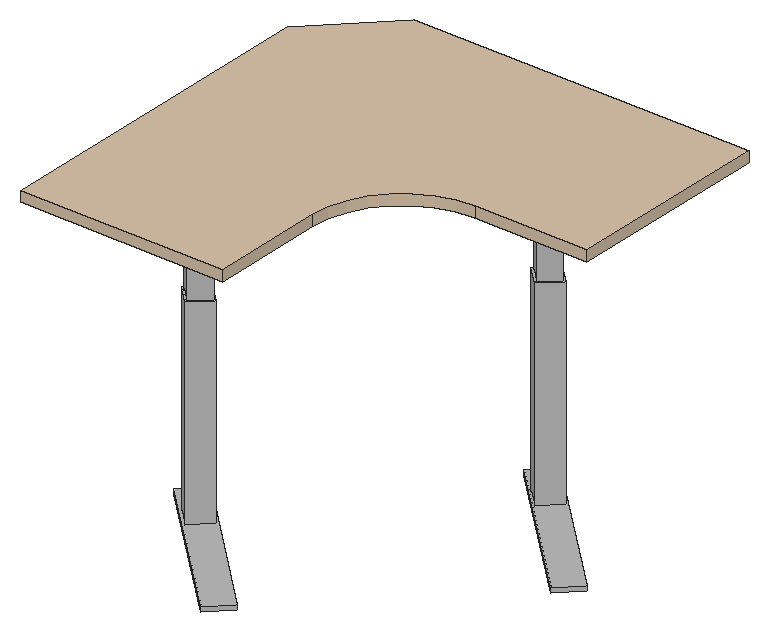
Revit family "Haworth_Planes_HeightAdjustTable_90-WrapAround", category Furniture Systems, Revit 2018
Family settings
  Round Connector Dimension = Use Diameter
  Part Type = Normal
  OmniClass Number = 23.40.70.14.64.21
  OmniClass Title = Systems Furniture
  Work Plane-Based = No
  Always vertical = Yes
  Cut with Voids When Loaded = No
  Shared = No
  Room Calculation Point = No
Parameters (values of type "46w 23d")
  Width = 46"
  Warranty = "http://www.haworth.com/resources/product-info/warranties"
  URL - Product = "https://www.haworth.com/products/tables/height-adjustable/planes"
  Table Finish [instance] = Haworth _ Laminate _ Maple H-AE
  Table Edge Finish [instance] = Haworth _ Laminate _ Maple H-AE
  Radius 2 = 12 1/4"  # constant formula
  Radius = 10 1/4"  # constant formula
  Model = "TACR"  # constant formula
  Min/Max Width = "34, 40, 46 in."  # constant formula
  Min/Max Depth = "23 in."  # constant formula
  Min. Height = 27"  # constant formula
  Min. Width = 34"  # constant formula
  Min. Depth = 23"  # constant formula
  Max. Height = 46"  # constant formula
  Max. Width = 46"  # constant formula
  Max. Depth = 23"  # constant formula
  URL = "www.haworth.com"
  Support Height = Actual Height - Top Thickness  # 38 13/16"
  Size = "Verify Final Dim. w/ Haworth"  # constant formula
  Revision Number = "1"  # constant formula
  Manufacturer = "Haworth"  # constant formula
  Leg Side Offset = if(Width < 40", 11 1/2", if(Width = 40", 14", 17"))  # 17"
  Leg Finish [instance] = Haworth _ Paint _ Metallic Champagne
  Leg Back Offset = if(Width < 40", 14 11/32", if(Width = 40", 16 31/32", 18 5/32"))  # 18 5/32"
  Knife Edge = not(Edgeband)  # no
  Height = 40"
  Edgeband = yes
  Description = "Haworth Planes - HAT - 90 Wrap Around - 46w 23d"
  Depth = 23"
  Custom Size = not(and(Depth = 23", or(Width = 34", Width = 40", Width = 46")))  # no
  Base Tube Finish = Haworth _ Paint _ Smoke
  Back Start Control = if(Actual Width < 40", 4 1/4", 5 83/128")  # 5 83/128"
  Author = "Haworth (Alias)"  # constant formula
  Assembly Code = "E2020200"
  Actual Width = if(Width > Max. Width, Max. Width, if(Width < Min. Width, Min. Width, Width))  # 46"
  Actual Height = if(Height > Max. Height, Max. Height, if(Height < Min. Height, Min. Height, Height))  # 40"
  Top Thickness = 1 3/16"  # constant formula
  Actual Depth = if(Depth > Max. Depth, Max. Depth, if(Depth < Min. Depth, Min. Depth, Depth))  # 23"
  23 Deep = Actual Depth < 27"  # yes
Types (3): name | Width | Leg Side Offset | Leg Back Offset | Description | Back Start Control | Actual Width
  40w 23d | 40" | 14" | 16 31/32" | "Haworth Planes - HAT - 90 Wrap Around - 40w 23d" | 5 83/128" | 40"
  34w 23d | 34" | 11 1/2" | 14 11/32" | "Haworth Planes - HAT - 90 Wrap Around - 34w 23d" | 4 1/4" | 34"
  46w 23d | 46" | 17" | 18 5/32" | "Haworth Planes - HAT - 90 Wrap Around - 46w 23d" | 5 83/128" | 46"
Reference planes (in)
  plane 1 "Floor": z = 0
  plane 2 "Center L/R": x = 9
  plane 3 "Top": z = 40
  plane 4 "Table Bottom": z = 38.8125
  plane 5 "Back": y = 5.5
  plane 6 "Left": x = -14
  plane 7 "Inside Front": y = -17.5
  plane 8 "Right": x = 32
  plane 9 "Front": y = -40.5
  plane 10 "Inside Right": x = 9
  plane 11 "masking region": z = 38
  plane 12 "Center Angle": through (-14, 5.5, 48) normal (0.7071, 0.7071, 0)
  plane 13 "Back Angle": through (-1.97918, 17.52082, 48) normal (0.7071, 0.7071, 0)
  plane 14 "Front Angle": through (-26.02082, -6.52082, 48) normal (0.7071, 0.7071, 0)
  plane 15 "Center FB": y = -17.5
  plane 16 "Back Worksurface": through (-10.00595, 1.50595, 48) normal (0.7071, -0.7071, 0)
  plane 17 "Leg Middle": through (11.31774, -2.84717, 48) normal (0.7071, -0.7071, 0)
  plane 18 "Back Top Angle": through (-14, 5.5, 48) normal (-0.7071, 0.7071, 0)
Dimensions and locks (in)
  "Actual Height": plane 3 "Top" to level
  "Top Thickness": plane 3 "Top" to plane 4 "Table Bottom"
  "Actual Width": plane 8 "Right" to plane 6 "Left"
  equal spacing: plane 8 "Right", plane 2 "Center L/R", plane 6 "Left"
  "Actual Depth": plane 5 "Back" to plane 7 "Inside Front"
  "Actual Width": plane 5 "Back" to plane 9 "Front"
  "Actual Depth": plane 6 "Left" to plane 10 "Inside Right"
  locked: plane 3 "Top" to plane 11 "masking region" at 2
  equal spacing: plane 5 "Back", plane 15 "Center FB", plane 9 "Front"
  "Leg Side Offset": plane 13 "Back Angle" to plane 12 "Center Angle"
  "Leg Side Offset": plane 12 "Center Angle" to plane 14 "Front Angle"
  "Back Start Control": plane 18 "Back Top Angle" to plane 16 "Back Worksurface"
  "Leg Back Offset": plane 17 "Leg Middle" to plane 16 "Back Worksurface"
  aligned and locked: plane 1 "Floor" to nested 1
  aligned and locked: plane 1 "Floor" to nested 2
  aligned and locked: plane 5 "Back" to nested 2
  aligned and locked: nested 2 to plane 6 "Left"
  aligned and locked: nested 1 to plane 17 "Leg Middle"
  aligned and locked: nested 3 to plane 17 "Leg Middle"
  aligned and locked: nested 1 to plane 14 "Front Angle"
  aligned and locked: plane 13 "Back Angle" to nested 3
  aligned and locked: nested 3 to plane 1 "Floor"
Nested families (in)
  nested 1: "Haworth_Support-Height_Adjustable_Leg_Part" at (-8.21609, -22.381, 0) x (0.7071, 0.7071, 0) z (0, 0, 1), type "Leg"
    with Leg Height 38 13/16"
  nested 2: "Haworth_Planes_Worksurface_90WrapAround_Part" at (6, -29.5, 0), type "Worksurface"
    with Actual Width 46", Actual Height 40"
  nested 3: "Haworth_Support-Height_Adjustable_Leg_Part" at (13.881, -0.28391, 0) x (-0.7071, -0.7071, 0) z (0, 0, 1), type "Leg"
    with Leg Height 38 13/16"
Definition of nested family "Haworth_Support-Height_Adjustable_Leg_Part"
  Parameters (values of type "Leg")
    URL = "www.haworth.com"
    Top Support Front = if([29 Deep], 14 1/8", 8 1/8")  # 8 1/8"
    Note = "Verify Final Dim. w/ Haworth"  # constant formula
    Manufacturer = "Haworth"  # constant formula
    Leg Length Middle = if([29 Deep], 9 1/8", 7 1/8")  # 7 1/8"
    Leg Length Front = if([29 Deep], 19 5/16", 16 5/16")  # 16 5/16"
    Leg Length Back = if([29 Deep], 8 1/8", 5 1/8")  # 5 1/8"
    Leg Height = 27 13/16"
    Leg Finish = none
    Glide Finish = none
    Base Tube Finish = none
    Assembly Code = ""
    Actual Depth = if([29 Deep], 27 7/16", 21 7/16")  # 21 7/16"
    29 Deep = not([23 Deep])  # no
    23 Deep = yes
  Reference planes (in)
    plane 1 "Center (Front/Back)": y = 0
    plane 2 "Bottom": z = 0
    plane 3 "Center (Left/Right)": x = 0
    plane 4 "Bottom of Top": z = 27.8125
    plane 5 "Top of Base": z = 2.5625
    plane 6: z = 1.5625
    plane 7: y = 2.4375
    plane 8: y = -12.125
    plane 9: x = 1.375
    plane 10: x = -1.375
    plane 11: x = -1.625
    plane 12: x = 1.625
    plane 13: y = 5.125
    plane 14: y = -16.3125
    plane 15: y = -14.9375
    plane 16: y = 3.9375
    plane 17 "Support Bottom": z = 25.1875
    plane 18: z = 26.5
    plane 19: y = 7.875
    plane 20: y = -8.125
    plane 21 "Top of Leg": z = 23.5625
  Forms (in)
    Extrusion 1, solid, material <- "Leg Finish"
      sketch origin (0, 0, 0) x (0, -1, 0) y (0, 0, -1)
        loop
          line (16.3125, -0.375) -> (-5.125, -0.375) -> (-5.125, -0.875) -> (16.3125, -0.875) -> (16.3125, -0.375)
      from -1.625 to 1.625
    Extrusion 2, solid, material <- "Leg Finish"
      sketch origin (0, 0, 2.5625) x (-1, 0, 0) y (0, -1, 0)
        loop
          line (1.375, -1.375) -> (1.375, 1.375) -> (-1.375, 1.375) -> (-1.375, -1.375) -> (1.375, -1.375)
      from -1.6875 to 21
    Extrusion 3, solid, material <- "Leg Finish"
      sketch origin (-1.375, -19.87459, 48) x (0, -1, 0) y (0, 0, -1)
        loop
          line (-10.24959, 20.1875) -> (-10.24959, 21.66628) -> (-16.14638, 22.8125) -> (-20.66006, 22.8125) -> (-26.24959, 20.55418) -> (-26.24959, 20.1875) -> (-10.24959, 20.1875)
      from 0 to -0.125
    Extrusion 4, solid, material <- "Base Tube Finish"
      sketch origin (0, 0, 2.5625) x (-1, 0, 0) y (0, -1, 0)
        loop
          line (1.1875, -1.1875) -> (1.1875, 1.1875) -> (-1.1875, 1.1875) -> (-1.1875, -1.1875) -> (1.1875, -1.1875)
      from 21 to 25.25
    Extrusion 5, solid, material <- "Glide Finish"
      sketch origin (0, 0, 0) x (1, 0, 0) y (0, 1, 0)
        loop
          circle (0, 2.4375) r 1.12339
        loop
          circle (0, -12.125) r 1.12816
      from 0 to 0.375
  Cuts and joins
    joined: Extrusion 1, Extrusion 2
  Lines and regions (in)
    Masking region 1, detail levels medium+fine
      outline origin (0, 0, 0) x (1, 0, 0) y (0, 1, 0)
        loop
          line (-1.625, -16.3125) -> (1.625, -16.3125) -> (1.625, 5.125) -> (-1.625, 5.125) -> (-1.625, -16.3125)
    symbolic lines, detail levels medium+fine
      curve 1: line (-1.375, 1.375, 0) -> (1.375, 1.375, 0)
      curve 2: line (-1.375, -1.375, 0) -> (-1.375, 1.375, 0)
      curve 3: line (1.375, -1.375, 0) -> (-1.375, -1.375, 0)
      curve 4: line (1.375, 1.375, 0) -> (1.375, -1.375, 0)
  Dimensions and locks (in)
    "Leg Height": plane 4 "Bottom of Top" to level
    level to plane 5 "Top of Base" = 2 9/16"
    level to plane 6 = 1 9/16"
    locked: plane 10 to plane 9 at 2.75
    locked: plane 11 to plane 12 at 3.25
    equal spacing: plane 11, plane 3 "Center (Left/Right)", plane 12
    equal spacing: plane 10, plane 3 "Center (Left/Right)", plane 9
    plane 4 "Bottom of Top" to plane 17 "Support Bottom" = 2 5/8"
    Extrusion 2 sketch curve to plane 1 "Center (Front/Back)" to Extrusion 2 sketch curve = 1 3/8", 1 3/8"
    locked: plane 21 "Top of Leg" to level at 23.5625
    "Leg Length Front": plane 14 to plane 1 "Center (Front/Back)"
    "Leg Length Back": plane 1 "Center (Front/Back)" to plane 13
    locked: plane 14 to plane 15 at 1.375
    locked: plane 15 to plane 8 at 2.8125
    locked: plane 16 to plane 13 at 1.1875
    locked: plane 7 to plane 16 at 1.5
    plane 1 "Center (Front/Back)" to plane 13 = 5 1/8"
    "Top Support Front": plane 20 to plane 1 "Center (Front/Back)"
    angle plane 4 "Bottom of Top" to Extrusion 3 sketch curve = 22.00°
    angle Extrusion 3 sketch curve to plane 4 "Bottom of Top" = 11.00°
    aligned and locked: plane 12 to Extrusion 1
    aligned and locked: Extrusion 1 to plane 11
    aligned and locked: plane 10 to Extrusion 2 sketch curve
    aligned and locked: Extrusion 2 sketch curve to plane 9
    aligned: plane 4 "Bottom of Top" to Extrusion 2
    aligned and locked: Extrusion 3 sketch curve to plane 17 "Support Bottom"
    aligned and locked: Extrusion 3 sketch curve to plane 4 "Bottom of Top"
    aligned and locked: plane 21 "Top of Leg" to cut or joined group of Extrusion 1, Extrusion 2
    aligned and locked: plane 4 "Bottom of Top" to Extrusion 4
    aligned and locked: Extrusion 2 to Extrusion 1
    aligned and locked: Masking region 1 sketch curve to plane 12
    aligned and locked: plane 11 to Masking region 1 sketch curve
    aligned and locked: plane 14 to Masking region 1 sketch curve
    aligned and locked: curve 1 to cut or joined group of Extrusion 1, Extrusion 2
    aligned and locked: curve 2 to cut or joined group of Extrusion 1, Extrusion 2
    aligned and locked: curve 3 to cut or joined group of Extrusion 1, Extrusion 2
    aligned and locked: curve 4 to cut or joined group of Extrusion 1, Extrusion 2
  Automatic sketch dimensions
    plane 19 to Extrusion 3 sketch curve = 1 1/2"
    plane 20 to Extrusion 3 sketch curve = 1 1/2"
    plane 1 "Center (Front/Back)" to Extrusion 3 sketch curve = 0.78546"
    Extrusion 3 sketch curve to plane 1 "Center (Front/Back)" = 3.72822"
    Extrusion 4 sketch curve to plane 9 = 3/16"
    plane 10 to Extrusion 4 sketch curve = 3/16"
    Extrusion 4 sketch curve to plane 1 "Center (Front/Back)" = 1 3/16"
    plane 1 "Center (Front/Back)" to Extrusion 4 sketch curve = 1 3/16"
    Extrusion 5 sketch curve to plane 3 "Center (Left/Right)" = 0"  (x2)
    Extrusion 5 sketch curve to plane 8 = 0"
    Extrusion 5 sketch curve to plane 7 = 0"
    Extrusion 1 sketch curve to plane 13 = 0"
    Extrusion 1 sketch curve to plane 14 = 0"
    Extrusion 1 sketch curve to level = 3/8"
    Extrusion 1 sketch curve to Extrusion 1 sketch curve = 1/2"
    Masking region 1 sketch curve to plane 13 = 0"
    radius of Extrusion 5 sketch curve = 1.12339"
    radius of Extrusion 5 sketch curve = 1.12816"
Definition of nested family "Haworth_Planes_Worksurface_90WrapAround_Part"
  Parameters (values of type "Worksurface")
    Warranty = "http://www.haworth.com/resources/product-info/warranties"
    URL - Product = ""
    URL = "www.haworth.com"
    Thickness = 1 3/16"  # constant formula
    Table Finish = none
    Table Edge Finish = none
    Size = "Verify Final Dim. w/ Haworth"  # constant formula
    Revision Number = ""
    Radius 2 = Radius + 2"  # 12 1/4"
    Radius = if(and(Actual Depth > 24", Actual Width < 42"), 4 1/4", 10 1/4")  # 10 1/4"
    Model = "Haworth Planes"  # constant formula
    Manufacturer = "Haworth"  # constant formula
    Knife Edge = no
    Edgeband = yes
    Description = "Haworth Planes Worksurface - Part"
    Back Flat Offset = if(Actual Width < 40", 4 1/4", 5 83/128")  # 5 83/128"
    Author = "Haworth (Alias)"  # constant formula
    Assembly Code = ""
    Actual Width = 40"
    Actual Height = 29"
    Actual Depth = 23"
  Reference planes (in)
    plane 1 "Center F/B": y = 15
    plane 2: z = 0
    plane 3 "Center L/R": x = 0
    plane 4 "Table Front": y = 35
    plane 5 "Table Right": x = 20
    plane 6 "Table Left": x = -20
    plane 7 "Table Back": y = -5
    plane 8 "Table Top": z = 29
    plane 9 "Table Bottom": z = 27.8125
    plane 10 "Knife Edge Middle": z = 28.625
    plane 11: through (-20, 35, 48) normal (0.7071, 0.7071, 0)
    plane 12 "Inside Flat 1": x = 3
    plane 13 "Inside Flat 2": y = 12
    plane 14 "Back Offset": through (-20, 35, 48) normal (-0.7071, 0.7071, 0)
    plane 15 "Worksurface Back": through (-9.73298, 37.27892, 48) normal (0.7071, -0.7071, 0)
  Forms (in)
    Extrusion 1, solid, material <- "Table Finish", visible <- "Edgeband"
      sketch origin (0, 0, 0) x (1, 0, 0) y (0, 1, 0)
        loop
          line (-12.0119, 35) -> (-20, 27.0119) -> (-20, -5) -> (3, -5) -> (3, 1.75)
          arc (3, 1.75) -> (6.00216, 8.99784) -> (13.25, 12) r 10.25
          line (13.25, 12) -> (20, 12) -> (20, 35) -> (-12.0119, 35)
      from 27.8125 to 29
    Extrusion 2, solid, material <- "Table Finish", visible <- "Knife Edge"
      sketch origin (0, 0, 0) x (1, 0, 0) y (0, 1, 0)
        loop
          line (20, 12) -> (20, 35) -> (-12.0119, 35) -> (-20, 27.0119) -> (-20, -5) -> (3, -5) -> (3, 1.75)
          arc (3, 1.75) -> (6.00216, 8.99784) -> (13.25, 12) r 10.25
          line (13.25, 12) -> (20, 12)
      from 29 to 28.625
    Blend 3, solid, material <- "Table Finish", visible <- "Knife Edge"
      base sketch origin (0, 0, 0) x (1, 0, 0) y (0, 1, 0)
        loop
          line (20, 14) -> (20, 35) -> (-12.0119, 35) -> (-20, 27.0119) -> (-20, -5) -> (1, -5) -> (1, 1.75)
          arc (1, 1.75) -> (4.58794, 10.41206) -> (13.25, 14) r 12.25
          line (13.25, 14) -> (20, 14)
      top sketch origin (0, 0, 0) x (1, 0, 0) y (0, 1, 0)
        loop
          line (20, 12) -> (20, 35) -> (-12.0119, 35) -> (-20, 27.0119) -> (-20, -5) -> (3, -5) -> (3, 1.75)
          arc (3, 1.75) -> (6.00216, 8.99784) -> (13.25, 12) r 10.25
          line (13.25, 12) -> (20, 12)
      from 27.8125 to 28.625
  Cuts and joins
    joined: Extrusion 2, Blend 3
  Lines and regions (in)
    Masking region 1
      outline origin (0, 0, 0) x (1, 0, 0) y (0, 1, 0)
        loop
          line (-12.0119, 35) -> (-20, 27.0119) -> (-20, -5) -> (3, -5) -> (3, 1.75)
          arc (3, 1.75) -> (6.00216, 8.99784) -> (13.25, 12) r 10.25
          line (13.25, 12) -> (20, 12) -> (20, 35) -> (-12.0119, 35)
    symbolic lines, visible <- "Knife Edge", detail levels medium+fine
      curve 1: line (1, 1.75, 0) -> (1, -5, 0)
      curve 2: arc (13.25, 14, 0) -> (4.58794, 10.41206, 0) -> (1, 1.75, 0) r 12.25
      curve 3: line (20, 14, 0) -> (13.25, 14, 0)
  Dimensions and locks (in)
    "Actual Width": plane 6 "Table Left" to plane 5 "Table Right"
    equal spacing: plane 6 "Table Left", plane 3 "Center L/R", plane 5 "Table Right"
    equal spacing: plane 4 "Table Front", plane 1 "Center F/B", plane 7 "Table Back"
    "Thickness": plane 8 "Table Top" to plane 9 "Table Bottom"
    "Actual Height": plane 8 "Table Top" to level
    locked: plane 8 "Table Top" to plane 10 "Knife Edge Middle" at 0.375
    "Actual Width": plane 4 "Table Front" to plane 7 "Table Back"
    "Actual Depth": plane 6 "Table Left" to plane 12 "Inside Flat 1"
    "Actual Depth": plane 13 "Inside Flat 2" to plane 4 "Table Front"
    locked: Blend 3 sketch curve to plane 12 "Inside Flat 1" at 2
    locked: plane 13 "Inside Flat 2" to Blend 3 sketch curve at 2
    "Back Flat Offset": plane 14 "Back Offset" to plane 15 "Worksurface Back"
    "Radius": radius of Extrusion 1 sketch curve
    "Radius 2": radius of Blend 3 sketch curve
    "Radius": radius of Extrusion 2 sketch curve
    "Radius": radius of Blend 3 sketch curve
    "Radius": radius of Masking region 1 sketch curve
    aligned and locked: Extrusion 1 sketch curve to plane 4 "Table Front"
    aligned and locked: plane 8 "Table Top" to Extrusion 1
    aligned and locked: Extrusion 1 to plane 9 "Table Bottom"
    aligned and locked: Masking region 1 sketch curve to plane 7 "Table Back"
    aligned and locked: plane 6 "Table Left" to Masking region 1 sketch curve
    aligned and locked: Masking region 1 sketch curve to plane 4 "Table Front"
    aligned and locked: plane 5 "Table Right" to Masking region 1 sketch curve
    aligned and locked: cut or joined group of Extrusion 2, Blend 3 to plane 10 "Knife Edge Middle"
    aligned and locked: plane 8 "Table Top" to cut or joined group of Extrusion 2, Blend 3
    aligned and locked: Blend 3 to plane 10 "Knife Edge Middle"
    aligned and locked: Blend 3 to plane 9 "Table Bottom"
    aligned and locked: plane 7 "Table Back" to Extrusion 1 sketch curve
    aligned and locked: plane 5 "Table Right" to Extrusion 1 sketch curve
    aligned and locked: plane 6 "Table Left" to Extrusion 1 sketch curve
    aligned and locked: Blend 3 sketch curve to cut or joined group of Extrusion 2, Blend 3
    aligned and locked: plane 7 "Table Back" to Blend 3 sketch curve  (x2)
    aligned and locked: Blend 3 sketch curve to plane 5 "Table Right"  (x2)
    aligned and locked: Blend 3 sketch curve to plane 6 "Table Left"  (x2)
    aligned and locked: plane 4 "Table Front" to Blend 3 sketch curve  (x2)
    aligned and locked: Extrusion 2 sketch curve to plane 5 "Table Right"
    aligned and locked: plane 12 "Inside Flat 1" to Extrusion 1 sketch curve
    aligned and locked: Extrusion 1 sketch curve to plane 13 "Inside Flat 2"
    aligned and locked: plane 7 "Table Back" to Extrusion 2 sketch curve
    aligned and locked: plane 4 "Table Front" to Extrusion 2 sketch curve
    aligned and locked: Extrusion 2 sketch curve to plane 6 "Table Left"
    aligned and locked: plane 12 "Inside Flat 1" to Extrusion 2 sketch curve
    aligned and locked: Extrusion 2 sketch curve to plane 13 "Inside Flat 2"
    aligned and locked: Blend 3 sketch curve to plane 13 "Inside Flat 2"
    aligned and locked: plane 12 "Inside Flat 1" to Blend 3 sketch curve
    aligned and locked: Masking region 1 sketch curve to plane 13 "Inside Flat 2"
    aligned and locked: plane 12 "Inside Flat 1" to Masking region 1 sketch curve
    aligned and locked: curve 2 to cut or joined group of Extrusion 2, Blend 3
    aligned and locked: curve 3 to cut or joined group of Extrusion 2, Blend 3
    aligned and locked: plane 15 "Worksurface Back" to Extrusion 1 sketch curve
    aligned and locked: Extrusion 2 sketch curve to plane 15 "Worksurface Back"
    aligned and locked: Blend 3 sketch curve to plane 15 "Worksurface Back"  (x2)
    aligned and locked: Masking region 1 sketch curve to plane 15 "Worksurface Back"
  Automatic sketch dimensions
    plane 7 "Table Back" to curve 1 = 0"
    curve 3 to plane 5 "Table Right" = 0"
